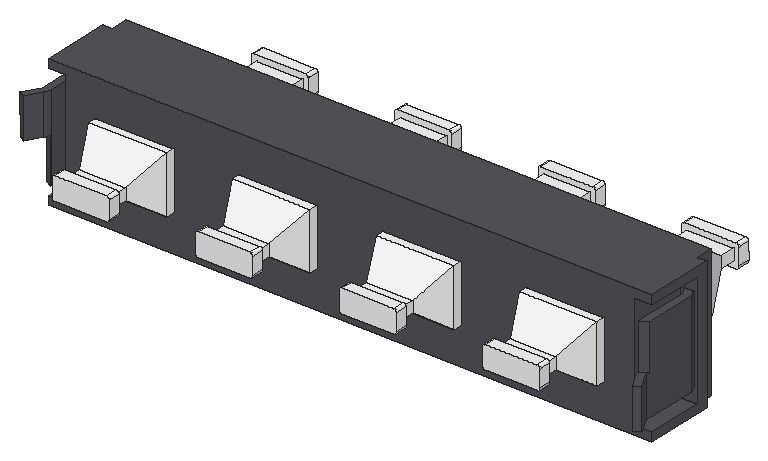
Revit family "Adaptador 4 MTP", category Installations électriques, Revit 2020
Family settings
  Conserver l'orientation des annotations = Non
  Cote de connecteur circulaire = Utiliser le diamètre
  Type d'élément = Normal
  Basée sur le plan de construction = Non
  Toujours verticalement = Oui
  Couper avec des vides une fois chargée = Non
  Partagée = Non
  Point de calcul de pièce = Non
Parameters (values of type "Adaptador 4 MTP multimodal")
  Tipo de la fibra óptica = "Mutlimodal"
  Tipo de conector interno = "MT_MPO"
  Tipo de conector externo = "MT_MPO"
  Temperatura operativa = "-10°C à 60°C"
  Temperatura de almacenamiento = "-10°C à 60°C"
  Profundidad = 44.7 mm
  Número de pieza Legrand = "032134"
  Número de conectores = 4
  Numero RAL = "9017"
  IP = "IP20"
  IK = "IK04"
  Función = "Paneles de interconexión con optical conector Legrand"
  Formulación BIM = "Adaptador 4 MTP multimodal"
  Elévation par défaut = 0 mm
  EAN = "3414970962065"
  E-catalogo enlace = "https://www.legrand.fr/reference/032134/pro"
  Color de los conectores = IDS_JAUNE
  Color = IDS_NOIR
  Clasificación ETIM = "EC001130"
  Anchura de los conectores = 13.5 mm
  Anchura de la apertura = 8.35 mm
  Anchura (mm) = 108.8 mm
  Altura de los conectores = 10 mm
  Altura de la apertura = 6.5 mm
  Altura = 23 mm
Types (2, lengths in mm): name | Tipo de la fibra óptica | Número de pieza Legrand | Formulación BIM | EAN | E-catalogo enlace | Color de los conectores
  Adaptador 4 MTP monomodal | "unimodal" | "032133" | "Adaptador 4 MTP monomodal" | "3414970962041" | "https://www.legrand.fr/reference/032133/pro" | IDS_VERT
  Adaptador 4 MTP multimodal | "Mutlimodal" | "032134" | "Adaptador 4 MTP multimodal" | "3414970962065" | "https://www.legrand.fr/reference/032134/pro" | IDS_JAUNE
Reference planes
  plane 1 "Centre (avant/arrière)": y = 0
  plane 2: z = 0
  plane 3 "Centre (gauche/droite)": x = 0
  plane 4 "Clip bas": z = 4
  plane 5 "Clip haut": z = 19
  plane 6: x = 105.5
  plane 7: x = 52.75
  plane 8: through (0.797, -2.504, 1200) normal (-0.866, 0.5, 0)
  plane 9: z = 6.5
  plane 10: z = 16.5
  plane 11: z = 6.5
  plane 12: z = 16.5
  plane 13: x = 8.35
  plane 14: x = 21.85
  plane 15: z = 23
  plane 16: x = 33.45
  plane 17: x = 46.95
  plane 18: x = 58.55
  plane 19: x = 72.05
  plane 20: y = 21
  plane 21: y = 11
  plane 22: y = 1
  plane 23: x = 83.65
  plane 24: x = 97.15
  plane 25: y = -7
  plane 26: z = 10.5
  plane 27: z = 12.5
  plane 28: x = 11.1
  plane 29: x = 19.1
  plane 30: z = 10.5
  plane 31: z = 12.5
  plane 32: x = 36.2
  plane 33: x = 44.2
  plane 34: z = 10.5
  plane 35: z = 12.5
  plane 36: x = 61.3
  plane 37: x = 69.3
  plane 38: z = 10.5
  plane 39: z = 12.5
  plane 40: x = 86.4
  plane 41: x = 94.4
  plane 42: z = 10.5
  plane 43: z = 12.5
  plane 44: x = 11.1
  plane 45: x = 19.1
  plane 46: z = 10.5
  plane 47: z = 12.5
  plane 48: x = 36.2
  plane 49: x = 44.2
  plane 50: z = 10.5
  plane 51: z = 12.5
  plane 52: x = 61.3
  plane 53: x = 69.3
  plane 54: z = 10.5
  plane 55: z = 12.5
  plane 56: x = 86.4
  plane 57: x = 94.4
Forms (mm)
  Extrusion 1, solid, material "IDS_NOIR"
    sketch origin (0, 0, 0) x (1, 0, 0) y (0, 1, 0)
      loop
        line (0, 0) -> (105.5, 0) -> (105.5, 12) -> (103.9, 12) -> (103.9, 15) -> (1.6, 15) -> (1.6, 12) -> (0, 12) -> (0, 0)
    from 0 to 23
  Extrusion 2, void
    sketch origin (0, 0, 0) x (-1, 0, 0) y (0, 0, 1)
      loop
        line (0, 21.5) -> (-3, 21.5) -> (-3, 1.5) -> (0, 1.5) -> (0, 21.5)
      loop
        line (-105.5, 21.5) -> (-105.5, 1.5) -> (-102.5, 1.5) -> (-102.5, 21.5) -> (-105.5, 21.5)
    from 0 to 10
  Extrusion 3, solid, material "IDS_NOIR"
    sketch origin (0, 25.162, 4) x (0, 1, 0) y (-1, 0, 0)
      loop
        line (-29.912, 0.5) -> (-27.374, -0.965)
        arc (-27.374, -0.965) -> (-26.771, -1.215) -> (-26.124, -1.3) r 2.5
        line (-26.124, -1.3) -> (-16.662, -1.3) -> (-15.162, -2.166) -> (-15.162, -0.665) -> (-16.313, 0) -> (-26.446, 0) -> (-29.262, 1.626) -> (-29.912, 0.5)
      loop
        line (-29.912, -106) -> (-29.262, -107.126) -> (-26.446, -105.5) -> (-16.313, -105.5) -> (-15.162, -104.835) -> (-15.162, -103.334) -> (-16.662, -104.2) -> (-26.124, -104.2)
        arc (-26.124, -104.2) -> (-26.771, -104.285) -> (-27.374, -104.535) r 2.5
        line (-27.374, -104.535) -> (-29.912, -106)
    from 0 to 15
  Extrusion 4, void
    sketch origin (0.797, -2.504, 1200) x (0.5, 0.866025, 0) y (0, 0, 1)
      loop
        line (-2.593, -1196) -> (1.407, -1196) -> (1.407, -1188) -> (-2.593, -1188) -> (-2.593, -1196)
    from 0 to -2.615
  Extrusion 5, void
    sketch origin (104.703, -2.504, 1200) x (-0.5, 0.866025, 0) y (0, 0, -1)
      loop
        line (-2.593, 1181) -> (1.407, 1181) -> (1.407, 1189) -> (-2.593, 1189) -> (-2.593, 1181)
    from 0 to -2.615
  Extrusion 6, void
    sketch origin (2.941, 0, 0) x (-1, 0, 0) y (0, 0, 1)
      loop
        line (-5.409, 16.5) -> (-18.909, 16.5) -> (-18.909, 6.5) -> (-5.409, 6.5) -> (-5.409, 16.5)
      loop
        line (-30.509, 6.5) -> (-30.509, 16.5) -> (-44.009, 16.5) -> (-44.009, 6.5) -> (-30.509, 6.5)
      loop
        line (-55.609, 16.5) -> (-69.109, 16.5) -> (-69.109, 6.5) -> (-55.609, 6.5) -> (-55.609, 16.5)
      loop
        line (-80.709, 6.5) -> (-80.709, 16.5) -> (-94.209, 16.5) -> (-94.209, 6.5) -> (-80.709, 6.5)
    from 0 to 15
  Extrusion 7, solid, material "IDS_JAUNE" <- "Color de los conectores"
    sketch origin (-7.488, 1, 1200) x (-1, 0, 0) y (0, 0, 1)
      loop
        line (-15.838, -1183.5) -> (-29.338, -1183.5) -> (-29.338, -1193.5) -> (-15.838, -1193.5) -> (-15.838, -1183.5)
      loop
        line (-66.038, -1183.5) -> (-79.538, -1183.5) -> (-79.538, -1193.5) -> (-66.038, -1193.5) -> (-66.038, -1183.5)
      loop
        line (-54.438, -1193.5) -> (-40.938, -1193.5) -> (-40.938, -1183.5) -> (-54.438, -1183.5) -> (-54.438, -1193.5)
      loop
        line (-91.138, -1183.5) -> (-104.638, -1183.5) -> (-104.638, -1193.5) -> (-91.138, -1193.5) -> (-91.138, -1183.5)
    from 0 to 20
  Extrusion 8, solid, material "IDS_BLANC"
    sketch origin (-7.488, 1, 1200) x (-1, 0, 0) y (0, 0, 1)
      loop
        line (-15.838, -1183.5) -> (-29.338, -1183.5) -> (-29.338, -1193.5) -> (-15.838, -1193.5) -> (-15.838, -1183.5)
      loop
        line (-40.938, -1183.5) -> (-54.438, -1183.5) -> (-54.438, -1193.5) -> (-40.938, -1193.5) -> (-40.938, -1183.5)
      loop
        line (-66.038, -1183.5) -> (-79.538, -1183.5) -> (-79.538, -1193.5) -> (-66.038, -1193.5) -> (-66.038, -1183.5)
      loop
        line (-91.138, -1183.5) -> (-104.638, -1183.5) -> (-104.638, -1193.5) -> (-91.138, -1193.5) -> (-91.138, -1183.5)
    from 0 to -2.5
  Extrusion 9, solid, material "IDS_BLANC"
    sketch origin (5.742, -7, 1200) x (-1, 0, 0) y (0, 0, 1)
      loop
        line (-5.358, -1187.5) -> (-13.358, -1187.5) -> (-13.358, -1189.5) -> (-5.358, -1189.5) -> (-5.358, -1187.5)
    from -2.75 to 0
  SweptBlend 10, solid, material "IDS_BLANC"
    path origin (0, 25.162, 4) x (0, 1, 0) y (-1, 0, 0)
      loop
        line (-26.662, -15.1) -> (-32.162, -15.1)
    profile origin (15.1, -1.5, 4) x (1, 0, 0) y (0, 0, 1)
      loop
        line (-6.75, 12.5) -> (-6.75, 2.5) -> (6.75, 2.5) -> (6.75, 12.5) -> (-6.75, 12.5)
    end profile origin (15.1, -7, 4) x (1, 0, 0) y (0, 0, 1)
      loop
        line (4, 8.5) -> (-4, 8.5) -> (-4, 6.5) -> (4, 6.5) -> (4, 8.5)
  Extrusion 11, solid, material "IDS_BLANC"
    sketch origin (5.742, -9.75, 1200) x (1, 0, 0) y (0, 0, 1)
      loop
        arc (4.858, -1186.5) -> (4.504, -1186.646) -> (4.358, -1187) r 0.5
        line (4.358, -1187) -> (4.358, -1190)
        arc (4.358, -1190) -> (4.504, -1190.354) -> (4.858, -1190.5) r 0.5
        line (4.858, -1190.5) -> (13.858, -1190.5)
        arc (13.858, -1190.5) -> (14.211, -1190.354) -> (14.358, -1190) r 0.5
        line (14.358, -1190) -> (14.358, -1187)
        arc (14.358, -1187) -> (14.211, -1186.646) -> (13.858, -1186.5) r 0.5
        line (13.858, -1186.5) -> (4.858, -1186.5)
    from 0 to 2
  Extrusion 12, solid, material "IDS_BLANC"
    sketch origin (30.842, -7, 1205.5) x (-1, 0, 0) y (0, 0, 1)
      loop
        line (-5.358, -1193) -> (-13.358, -1193) -> (-13.358, -1195) -> (-5.358, -1195) -> (-5.358, -1193)
    from -2.75 to 0
  SweptBlend 13, solid, material "IDS_BLANC"
    path origin (25.1, 25.162, 4) x (0, 1, 0) y (-1, 0, 0)
      loop
        line (-26.662, -15.1) -> (-32.162, -15.1)
    profile origin (40.2, -1.5, 4) x (1, 0, 0) y (0, 0, 1)
      loop
        line (-6.75, 12.5) -> (-6.75, 2.5) -> (6.75, 2.5) -> (6.75, 12.5) -> (-6.75, 12.5)
    end profile origin (40.2, -7, 4) x (1, 0, 0) y (0, 0, 1)
      loop
        line (4, 8.5) -> (-4, 8.5) -> (-4, 6.5) -> (4, 6.5) -> (4, 8.5)
  Extrusion 14, solid, material "IDS_BLANC"
    sketch origin (30.842, -9.75, 1205.5) x (1, 0, 0) y (0, 0, 1)
      loop
        arc (4.858, -1192) -> (4.504, -1192.146) -> (4.358, -1192.5) r 0.5
        line (4.358, -1192.5) -> (4.358, -1195.5)
        arc (4.358, -1195.5) -> (4.504, -1195.854) -> (4.858, -1196) r 0.5
        line (4.858, -1196) -> (13.858, -1196)
        arc (13.858, -1196) -> (14.211, -1195.854) -> (14.358, -1195.5) r 0.5
        line (14.358, -1195.5) -> (14.358, -1192.5)
        arc (14.358, -1192.5) -> (14.211, -1192.146) -> (13.858, -1192) r 0.5
        line (13.858, -1192) -> (4.858, -1192)
    from 0 to 2
  Extrusion 15, solid, material "IDS_BLANC"
    sketch origin (55.942, -7, 1205.5) x (-1, 0, 0) y (0, 0, 1)
      loop
        line (-5.358, -1193) -> (-13.358, -1193) -> (-13.358, -1195) -> (-5.358, -1195) -> (-5.358, -1193)
    from -2.75 to 0
  SweptBlend 16, solid, material "IDS_BLANC"
    path origin (50.2, 25.162, 4) x (0, 1, 0) y (-1, 0, 0)
      loop
        line (-26.662, -15.1) -> (-32.162, -15.1)
    profile origin (65.3, -1.5, 4) x (1, 0, 0) y (0, 0, 1)
      loop
        line (-6.75, 12.5) -> (-6.75, 2.5) -> (6.75, 2.5) -> (6.75, 12.5) -> (-6.75, 12.5)
    end profile origin (65.3, -7, 4) x (1, 0, 0) y (0, 0, 1)
      loop
        line (4, 8.5) -> (-4, 8.5) -> (-4, 6.5) -> (4, 6.5) -> (4, 8.5)
  Extrusion 17, solid, material "IDS_BLANC"
    sketch origin (55.942, -9.75, 1205.5) x (1, 0, 0) y (0, 0, 1)
      loop
        arc (4.858, -1192) -> (4.504, -1192.146) -> (4.358, -1192.5) r 0.5
        line (4.358, -1192.5) -> (4.358, -1195.5)
        arc (4.358, -1195.5) -> (4.504, -1195.854) -> (4.858, -1196) r 0.5
        line (4.858, -1196) -> (13.858, -1196)
        arc (13.858, -1196) -> (14.211, -1195.854) -> (14.358, -1195.5) r 0.5
        line (14.358, -1195.5) -> (14.358, -1192.5)
        arc (14.358, -1192.5) -> (14.211, -1192.146) -> (13.858, -1192) r 0.5
        line (13.858, -1192) -> (4.858, -1192)
    from 0 to 2
  Extrusion 18, solid, material "IDS_BLANC"
    sketch origin (81.042, -7, 1205.5) x (-1, 0, 0) y (0, 0, 1)
      loop
        line (-5.358, -1193) -> (-13.358, -1193) -> (-13.358, -1195) -> (-5.358, -1195) -> (-5.358, -1193)
    from -2.75 to 0
  SweptBlend 19, solid, material "IDS_BLANC"
    path origin (75.3, 25.162, 4) x (0, 1, 0) y (-1, 0, 0)
      loop
        line (-26.662, -15.1) -> (-32.162, -15.1)
    profile origin (90.4, -1.5, 4) x (1, 0, 0) y (0, 0, 1)
      loop
        line (-6.75, 12.5) -> (-6.75, 2.5) -> (6.75, 2.5) -> (6.75, 12.5) -> (-6.75, 12.5)
    end profile origin (90.4, -7, 4) x (1, 0, 0) y (0, 0, 1)
      loop
        line (4, 8.5) -> (-4, 8.5) -> (-4, 6.5) -> (4, 6.5) -> (4, 8.5)
  Extrusion 20, solid, material "IDS_BLANC"
    sketch origin (81.042, -9.75, 1205.5) x (1, 0, 0) y (0, 0, 1)
      loop
        arc (4.858, -1192) -> (4.504, -1192.146) -> (4.358, -1192.5) r 0.5
        line (4.358, -1192.5) -> (4.358, -1195.5)
        arc (4.358, -1195.5) -> (4.504, -1195.854) -> (4.858, -1196) r 0.5
        line (4.858, -1196) -> (13.858, -1196)
        arc (13.858, -1196) -> (14.211, -1195.854) -> (14.358, -1195.5) r 0.5
        line (14.358, -1195.5) -> (14.358, -1192.5)
        arc (14.358, -1192.5) -> (14.211, -1192.146) -> (13.858, -1192) r 0.5
        line (13.858, -1192) -> (4.858, -1192)
    from 0 to 2
  Extrusion 21, solid, material "IDS_BLANC"
    sketch origin (5.742, 29, 1200) x (-1, 0, 0) y (0, 0, -1)
      loop
        line (-5.358, 1187.5) -> (-5.358, 1189.5) -> (-13.358, 1189.5) -> (-13.358, 1187.5) -> (-5.358, 1187.5)
    from -2.75 to 0
  SweptBlend 22, solid, material "IDS_BLANC"
    path origin (0, -3.162, 4) x (0, -1, 0) y (1, 0, 0)
      loop
        line (-26.662, 15.1) -> (-32.162, 15.1)
    profile origin (15.1, 23.5, 4) x (-1, 0, 0) y (0, 0, 1)
      loop
        line (6.75, 12.5) -> (-6.75, 12.5) -> (-6.75, 2.5) -> (6.75, 2.5) -> (6.75, 12.5)
    end profile origin (15.1, 29, 4) x (-1, 0, 0) y (0, 0, 1)
      loop
        line (-4, 8.5) -> (-4, 6.5) -> (4, 6.5) -> (4, 8.5) -> (-4, 8.5)
  Extrusion 23, solid, material "IDS_BLANC"
    sketch origin (5.742, 31.75, 1200) x (1, 0, 0) y (0, 0, -1)
      loop
        line (4.858, 1186.5) -> (13.858, 1186.5)
        arc (13.858, 1186.5) -> (14.211, 1186.646) -> (14.358, 1187) r 0.5
        line (14.358, 1187) -> (14.358, 1190)
        arc (14.358, 1190) -> (14.211, 1190.354) -> (13.858, 1190.5) r 0.5
        line (13.858, 1190.5) -> (4.858, 1190.5)
        arc (4.858, 1190.5) -> (4.504, 1190.354) -> (4.358, 1190) r 0.5
        line (4.358, 1190) -> (4.358, 1187)
        arc (4.358, 1187) -> (4.504, 1186.646) -> (4.858, 1186.5) r 0.5
    from 0 to 2
  Extrusion 24, solid, material "IDS_BLANC"
    sketch origin (30.842, 29, 1205.5) x (-1, 0, 0) y (0, 0, -1)
      loop
        line (-5.358, 1193) -> (-5.358, 1195) -> (-13.358, 1195) -> (-13.358, 1193) -> (-5.358, 1193)
    from -2.75 to 0
  SweptBlend 25, solid, material "IDS_BLANC"
    path origin (25.1, -3.162, 4) x (0, -1, 0) y (1, 0, 0)
      loop
        line (-26.662, 15.1) -> (-32.162, 15.1)
    profile origin (40.2, 23.5, 4) x (-1, 0, 0) y (0, 0, 1)
      loop
        line (6.75, 12.5) -> (-6.75, 12.5) -> (-6.75, 2.5) -> (6.75, 2.5) -> (6.75, 12.5)
    end profile origin (40.2, 29, 4) x (-1, 0, 0) y (0, 0, 1)
      loop
        line (-4, 8.5) -> (-4, 6.5) -> (4, 6.5) -> (4, 8.5) -> (-4, 8.5)
  Extrusion 26, solid, material "IDS_BLANC"
    sketch origin (30.842, 31.75, 1205.5) x (1, 0, 0) y (0, 0, -1)
      loop
        line (4.858, 1192) -> (13.858, 1192)
        arc (13.858, 1192) -> (14.211, 1192.146) -> (14.358, 1192.5) r 0.5
        line (14.358, 1192.5) -> (14.358, 1195.5)
        arc (14.358, 1195.5) -> (14.211, 1195.854) -> (13.858, 1196) r 0.5
        line (13.858, 1196) -> (4.858, 1196)
        arc (4.858, 1196) -> (4.504, 1195.854) -> (4.358, 1195.5) r 0.5
        line (4.358, 1195.5) -> (4.358, 1192.5)
        arc (4.358, 1192.5) -> (4.504, 1192.146) -> (4.858, 1192) r 0.5
    from 0 to 2
  Extrusion 27, solid, material "IDS_BLANC"
    sketch origin (55.942, 29, 1205.5) x (-1, 0, 0) y (0, 0, -1)
      loop
        line (-5.358, 1193) -> (-5.358, 1195) -> (-13.358, 1195) -> (-13.358, 1193) -> (-5.358, 1193)
    from -2.75 to 0
  SweptBlend 28, solid, material "IDS_BLANC"
    path origin (50.2, -3.162, 4) x (0, -1, 0) y (1, 0, 0)
      loop
        line (-26.662, 15.1) -> (-32.162, 15.1)
    profile origin (65.3, 23.5, 4) x (-1, 0, 0) y (0, 0, 1)
      loop
        line (6.75, 12.5) -> (-6.75, 12.5) -> (-6.75, 2.5) -> (6.75, 2.5) -> (6.75, 12.5)
    end profile origin (65.3, 29, 4) x (-1, 0, 0) y (0, 0, 1)
      loop
        line (-4, 8.5) -> (-4, 6.5) -> (4, 6.5) -> (4, 8.5) -> (-4, 8.5)
  Extrusion 29, solid, material "IDS_BLANC"
    sketch origin (55.942, 31.75, 1205.5) x (1, 0, 0) y (0, 0, -1)
      loop
        line (4.858, 1192) -> (13.858, 1192)
        arc (13.858, 1192) -> (14.211, 1192.146) -> (14.358, 1192.5) r 0.5
        line (14.358, 1192.5) -> (14.358, 1195.5)
        arc (14.358, 1195.5) -> (14.211, 1195.854) -> (13.858, 1196) r 0.5
        line (13.858, 1196) -> (4.858, 1196)
        arc (4.858, 1196) -> (4.504, 1195.854) -> (4.358, 1195.5) r 0.5
        line (4.358, 1195.5) -> (4.358, 1192.5)
        arc (4.358, 1192.5) -> (4.504, 1192.146) -> (4.858, 1192) r 0.5
    from 0 to 2
  Extrusion 30, solid, material "IDS_BLANC"
    sketch origin (81.042, 29, 1205.5) x (-1, 0, 0) y (0, 0, -1)
      loop
        line (-5.358, 1193) -> (-5.358, 1195) -> (-13.358, 1195) -> (-13.358, 1193) -> (-5.358, 1193)
    from -2.75 to 0
  SweptBlend 31, solid, material "IDS_BLANC"
    path origin (75.3, -3.162, 4) x (0, -1, 0) y (1, 0, 0)
      loop
        line (-26.662, 15.1) -> (-32.162, 15.1)
    profile origin (90.4, 23.5, 4) x (-1, 0, 0) y (0, 0, 1)
      loop
        line (6.75, 12.5) -> (-6.75, 12.5) -> (-6.75, 2.5) -> (6.75, 2.5) -> (6.75, 12.5)
    end profile origin (90.4, 29, 4) x (-1, 0, 0) y (0, 0, 1)
      loop
        line (-4, 8.5) -> (-4, 6.5) -> (4, 6.5) -> (4, 8.5) -> (-4, 8.5)
  Extrusion 32, solid, material "IDS_BLANC"
    sketch origin (81.042, 31.75, 1205.5) x (1, 0, 0) y (0, 0, -1)
      loop
        line (4.858, 1192) -> (13.858, 1192)
        arc (13.858, 1192) -> (14.211, 1192.146) -> (14.358, 1192.5) r 0.5
        line (14.358, 1192.5) -> (14.358, 1195.5)
        arc (14.358, 1195.5) -> (14.211, 1195.854) -> (13.858, 1196) r 0.5
        line (13.858, 1196) -> (4.858, 1196)
        arc (4.858, 1196) -> (4.504, 1195.854) -> (4.358, 1195.5) r 0.5
        line (4.358, 1195.5) -> (4.358, 1192.5)
        arc (4.358, 1192.5) -> (4.504, 1192.146) -> (4.858, 1192) r 0.5
    from 0 to 2
  Extrusion 33, solid, material "IDS_BLANC"
    sketch origin (-7.488, 21, 1200) x (-1, 0, 0) y (0, 0, -1)
      loop
        line (-15.838, 1183.5) -> (-15.838, 1193.5) -> (-29.338, 1193.5) -> (-29.338, 1183.5) -> (-15.838, 1183.5)
      loop
        line (-40.938, 1183.5) -> (-40.938, 1193.5) -> (-54.438, 1193.5) -> (-54.438, 1183.5) -> (-40.938, 1183.5)
      loop
        line (-66.038, 1183.5) -> (-66.038, 1193.5) -> (-79.538, 1193.5) -> (-79.538, 1183.5) -> (-66.038, 1183.5)
      loop
        line (-91.138, 1183.5) -> (-91.138, 1193.5) -> (-104.638, 1193.5) -> (-104.638, 1183.5) -> (-91.138, 1183.5)
    from 0 to -2.5
Cuts and joins
  Extrusion 2, Extrusion 6 cuts Extrusion 1
  Extrusion 4, Extrusion 5 cuts Extrusion 3
  joined: Extrusion 8, Extrusion 9, SweptBlend 10, Extrusion 11, Extrusion 12, SweptBlend 13, Extrusion 14, Extrusion 15, SweptBlend 16, Extrusion 17, Extrusion 18, SweptBlend 19, Extrusion 20
Lines and regions (mm)
  model lines
    curve 1: line (21.85, -1.5, 6.5) -> (8.35, -1.5, 6.5)
    curve 2: line (21.85, -1.5, 16.5) -> (21.85, -1.5, 6.5)
    curve 3: line (8.35, -1.5, 16.5) -> (21.85, -1.5, 16.5)
    curve 4: line (8.35, -1.5, 6.5) -> (8.35, -1.5, 16.5)
Dimensions and locks
  locked: plane 1 "Centre (avant/arrière)" to Extrusion 1 sketch curve at 15
  locked: Extrusion 1 sketch curve to Extrusion 1 sketch curve at 105.5
  locked: Extrusion 1 sketch curve to Extrusion 1 sketch curve at 1.6  (x2)
  locked: Extrusion 1 sketch curve to Extrusion 1 sketch curve at 12
  locked: Extrusion 2 sketch curve to level at 1.5
  locked: Extrusion 1 to Extrusion 2 sketch curve at 1.5
  locked: Extrusion 2 sketch curve to plane 3 "Centre (gauche/droite)" at 3
  locked: Extrusion 2 sketch curve to Extrusion 1 at 3
  plane 4 "Clip bas" to level = 4 mm
  cut or joined group of Extrusion 1, Extrusion 2, Extrusion 6 to plane 5 "Clip haut" = 4 mm
  locked: Extrusion 3 sketch curve to plane 3 "Centre (gauche/droite)" at 0.5
  locked: Extrusion 3 sketch curve to plane 1 "Centre (avant/arrière)" at 4.75
  locked: plane 3 "Centre (gauche/droite)" to Extrusion 3 sketch curve at 1.3
  plane 1 "Centre (avant/arrière)" to Extrusion 3 sketch curve = 8.5 mm
  equal spacing: plane 3 "Centre (gauche/droite)", plane 7, plane 6, locked at 52.75 each
  locked: Extrusion 3 to Extrusion 4 sketch curve at 4
  locked: Extrusion 3 to Extrusion 4 sketch curve at 8
  cut or joined group of Extrusion 3, Extrusion 4, Extrusion 5 to Extrusion 5 sketch curve = 8 mm
  Extrusion 5 sketch curve to cut or joined group of Extrusion 3, Extrusion 4, Extrusion 5 = 4 mm
  "Altura de la apertura": plane 9 to level
  "Altura de los conectores": plane 10 to plane 9
  "Altura de los conectores": plane 12 to plane 11
  "Anchura de la apertura": plane 13 to plane 3 "Centre (gauche/droite)"
  "Anchura de los conectores": plane 13 to plane 14
  locked: plane 15 to level at 23
  "Altura de la apertura": plane 15 to plane 12
  "Anchura de los conectores": plane 16 to plane 17
  locked: plane 14 to plane 16 at 11.6
  plane 17 to plane 18 = 11.6 mm
  "Anchura de los conectores": plane 18 to plane 19
  plane 20 to cut or joined group of Extrusion 1, Extrusion 2, Extrusion 6 = 6 mm
  locked: plane 22 to plane 1 "Centre (avant/arrière)" at 1
  "Anchura de los conectores": plane 23 to plane 24
  plane 23 to plane 19 = 11.6 mm
  plane 6 to plane 24 = 8.35 mm
  Extrusion 8 to plane 25 = 5.5 mm
  plane 26 to plane 9 = 4 mm
  plane 10 to plane 27 = 4 mm
  plane 27 to plane 26 = 2 mm
  Extrusion 8 to plane 28 = 2.75 mm
  plane 28 to plane 29 = 8 mm
  plane 29 to plane 14 = 2.75 mm
  Extrusion 11 sketch curve to Extrusion 9 = 1 mm  (x3)
  Extrusion 9 to Extrusion 11 sketch curve = 1 mm
  plane 31 to plane 30 = 2 mm
  plane 32 to plane 33 = 8 mm
  Extrusion 14 sketch curve to Extrusion 12 = 1 mm  (x3)
  Extrusion 12 to Extrusion 14 sketch curve = 1 mm
  plane 35 to plane 34 = 2 mm
  plane 36 to plane 37 = 8 mm
  Extrusion 17 sketch curve to Extrusion 15 = 1 mm  (x3)
  Extrusion 15 to Extrusion 17 sketch curve = 1 mm
  plane 39 to plane 38 = 2 mm
  plane 40 to plane 41 = 8 mm
  Extrusion 20 sketch curve to Extrusion 18 = 1 mm  (x3)
  Extrusion 18 to Extrusion 20 sketch curve = 1 mm
  equal spacing: plane 20, plane 21, plane 22
  plane 42 to plane 43 = 2 mm
  plane 44 to plane 45 = 8 mm
  Extrusion 21 to Extrusion 23 sketch curve = 1 mm
  Extrusion 23 sketch curve to Extrusion 21 = 1 mm  (x3)
  plane 46 to plane 47 = 2 mm
  plane 48 to plane 49 = 8 mm
  Extrusion 24 to Extrusion 26 sketch curve = 1 mm
  Extrusion 26 sketch curve to Extrusion 24 = 1 mm  (x3)
  plane 50 to plane 51 = 2 mm
  plane 52 to plane 53 = 8 mm
  Extrusion 27 to Extrusion 29 sketch curve = 1 mm
  Extrusion 29 sketch curve to Extrusion 27 = 1 mm  (x3)
  plane 54 to plane 55 = 2 mm
  plane 56 to plane 57 = 8 mm
  Extrusion 30 to Extrusion 32 sketch curve = 1 mm
  Extrusion 32 sketch curve to Extrusion 30 = 1 mm  (x3)
  locked: cut or joined group of Extrusion 1, Extrusion 2, Extrusion 6 to Extrusion 3 sketch curve (angle 60.00°)
  aligned and locked: level to plane 2
  aligned and locked: plane 5 "Clip haut" to Extrusion 3
  aligned and locked: Extrusion 3 to plane 4 "Clip bas"
  aligned and locked: plane 6 to cut or joined group of Extrusion 1, Extrusion 2, Extrusion 6
  aligned and locked: Extrusion 4 sketch curve to Extrusion 3
  aligned and locked: Extrusion 3 to Extrusion 4 sketch curve
  aligned and locked: Extrusion 5 sketch curve to cut or joined group of Extrusion 3, Extrusion 4, Extrusion 5
  aligned and locked: plane 15 to cut or joined group of Extrusion 1, Extrusion 2, Extrusion 6
  aligned and locked: Extrusion 6 to plane 9
  aligned and locked: plane 10 to Extrusion 6
  aligned and locked: plane 13 to Extrusion 6
  aligned and locked: Extrusion 6 to plane 14
  aligned and locked: plane 9 to Extrusion 6 sketch curve  (x2)
  aligned and locked: Extrusion 6 sketch curve to plane 16
  aligned and locked: Extrusion 6 sketch curve to plane 10  (x2)
  aligned and locked: plane 17 to Extrusion 6 sketch curve
  aligned and locked: plane 10 to Extrusion 6 sketch curve
  aligned and locked: plane 18 to Extrusion 6 sketch curve
  aligned and locked: Extrusion 6 sketch curve to plane 9
  aligned and locked: plane 19 to Extrusion 6 sketch curve
  aligned and locked: Extrusion 1 to Extrusion 6
  aligned and locked: Extrusion 7 sketch curve to cut or joined group of Extrusion 1, Extrusion 2, Extrusion 6  (x11)
  aligned and locked: plane 20 to Extrusion 7
  aligned and locked: Extrusion 8 sketch curve to Extrusion 7  (x12)
  aligned and locked: Extrusion 2 sketch curve to Extrusion 2 sketch curve  (x2)
  aligned and locked: Extrusion 6 sketch curve to plane 23
  aligned and locked: Extrusion 6 sketch curve to plane 24
  aligned and locked: Extrusion 8 sketch curve to cut or joined group of Extrusion 1, Extrusion 2, Extrusion 6  (x4)
  aligned and locked: plane 27 to Extrusion 9 sketch curve
  aligned and locked: plane 28 to Extrusion 9 sketch curve
  aligned and locked: Extrusion 9 sketch curve to plane 26
  aligned and locked: Extrusion 9 sketch curve to plane 29
  aligned and locked: curve 1 to Extrusion 8
  aligned and locked: curve 2 to Extrusion 8
  aligned and locked: curve 3 to Extrusion 8
  aligned and locked: curve 4 to Extrusion 8
  aligned and locked: SweptBlend 10 sketch curve to Extrusion 8  (x4)
  aligned and locked: SweptBlend 10 sketch curve to Extrusion 9  (x4)
  aligned and locked: plane 31 to Extrusion 12 sketch curve
  aligned and locked: plane 32 to Extrusion 12 sketch curve
  aligned and locked: Extrusion 12 sketch curve to plane 30
  aligned and locked: Extrusion 12 sketch curve to plane 33
  aligned and locked: SweptBlend 13 sketch curve to Extrusion 12  (x4)
  aligned and locked: plane 35 to Extrusion 15 sketch curve
  aligned and locked: plane 36 to Extrusion 15 sketch curve
  aligned and locked: Extrusion 15 sketch curve to plane 34
  aligned and locked: Extrusion 15 sketch curve to plane 37
  aligned and locked: SweptBlend 16 sketch curve to Extrusion 15  (x4)
  aligned and locked: plane 39 to Extrusion 18 sketch curve
  aligned and locked: plane 40 to Extrusion 18 sketch curve
  aligned and locked: Extrusion 18 sketch curve to plane 38
  aligned and locked: Extrusion 18 sketch curve to plane 41
  aligned and locked: SweptBlend 19 sketch curve to Extrusion 18  (x4)
  aligned and locked: Extrusion 21 sketch curve to plane 43
  aligned and locked: plane 44 to Extrusion 21 sketch curve
  aligned and locked: plane 42 to Extrusion 21 sketch curve
  aligned and locked: Extrusion 21 sketch curve to plane 45
  aligned and locked: Extrusion 21 to SweptBlend 22 sketch curve  (x2)
  aligned and locked: SweptBlend 22 sketch curve to Extrusion 21  (x2)
  aligned and locked: Extrusion 24 sketch curve to plane 47
  aligned and locked: plane 48 to Extrusion 24 sketch curve
  aligned and locked: plane 46 to Extrusion 24 sketch curve
  aligned and locked: Extrusion 24 sketch curve to plane 49
  aligned and locked: Extrusion 24 to SweptBlend 25 sketch curve  (x2)
  aligned and locked: SweptBlend 25 sketch curve to Extrusion 24  (x2)
  aligned and locked: Extrusion 27 sketch curve to plane 51
  aligned and locked: plane 52 to Extrusion 27 sketch curve
  aligned and locked: plane 50 to Extrusion 27 sketch curve
  aligned and locked: Extrusion 27 sketch curve to plane 53
  aligned and locked: Extrusion 27 to SweptBlend 28 sketch curve  (x2)
  aligned and locked: SweptBlend 28 sketch curve to Extrusion 27  (x2)
  aligned and locked: Extrusion 30 sketch curve to plane 55
  aligned and locked: plane 56 to Extrusion 30 sketch curve
  aligned and locked: plane 54 to Extrusion 30 sketch curve
  aligned and locked: Extrusion 30 sketch curve to plane 57
  aligned and locked: Extrusion 30 to SweptBlend 31 sketch curve  (x2)
  aligned and locked: SweptBlend 31 sketch curve to Extrusion 30  (x2)
Automatic sketch dimensions
  plane 1 "Centre (avant/arrière)" to Extrusion 1 sketch curve = 0 mm
  Extrusion 1 sketch curve to plane 3 "Centre (gauche/droite)" = 0 mm
  plane 21 to Extrusion 1 sketch curve = 1 mm
  plane 6 to Extrusion 2 sketch curve = 0 mm
  Extrusion 2 sketch curve to plane 3 "Centre (gauche/droite)" = 0 mm
  Extrusion 3 sketch curve to plane 6 = 0 mm
  Extrusion 3 sketch curve to plane 3 "Centre (gauche/droite)" = 0 mm
  Extrusion 3 sketch curve to plane 6 = 0.5 mm
  plane 25 to Extrusion 3 sketch curve = 2.25 mm
  Extrusion 3 sketch curve to Extrusion 3 sketch curve = 0.65 mm  (x2)
  Extrusion 3 sketch curve to plane 6 = 1.626 mm
  plane 3 "Centre (gauche/droite)" to Extrusion 3 sketch curve = 0.965 mm
  plane 6 to Extrusion 3 sketch curve = 0.965 mm
  plane 1 "Centre (avant/arrière)" to Extrusion 3 sketch curve = 0.962 mm  (x2)
  Extrusion 3 sketch curve to plane 21 = 2.5 mm
  Extrusion 3 sketch curve to Extrusion 3 sketch curve = 0.348 mm  (x2)
  Extrusion 3 sketch curve to plane 21 = 1 mm  (x2)
  Extrusion 3 sketch curve to plane 6 = 1.2 mm
  plane 6 to Extrusion 3 sketch curve = 0.665 mm
  Extrusion 3 sketch curve to Extrusion 3 sketch curve = 1.501 mm
  Extrusion 3 sketch curve to Extrusion 3 sketch curve = 0.866 mm
  plane 3 "Centre (gauche/droite)" to Extrusion 3 sketch curve = 0.665 mm
  Extrusion 5 sketch curve to Extrusion 5 sketch curve = 4 mm
  Extrusion 6 sketch curve to plane 9 = 0 mm
  plane 14 to Extrusion 6 sketch curve = 0 mm
  Extrusion 6 sketch curve to plane 10 = 0 mm
  plane 13 to Extrusion 6 sketch curve = 0 mm
  Extrusion 7 sketch curve to plane 10 = 0 mm
  Extrusion 7 sketch curve to plane 24 = 0 mm
  Extrusion 7 sketch curve to plane 9 = 0 mm
  plane 23 to Extrusion 7 sketch curve = 0 mm
  plane 17 to Extrusion 7 sketch curve = 0 mm
  SweptBlend 10 sketch curve to plane 25 = 0 mm
  SweptBlend 10 sketch curve to plane 13 = 6.75 mm
  plane 1 "Centre (avant/arrière)" to SweptBlend 10 sketch curve = 1.5 mm
  Extrusion 8 to curve 3 = 0 mm
  curve 1 to Extrusion 8 = 0 mm
  Extrusion 9 to Extrusion 11 sketch curve = 0.5 mm  (x4)
  SweptBlend 13 sketch curve to plane 25 = 0 mm
  SweptBlend 13 sketch curve to plane 16 = 6.75 mm
  plane 1 "Centre (avant/arrière)" to SweptBlend 13 sketch curve = 1.5 mm
  plane 4 "Clip bas" to SweptBlend 13 sketch curve = 2.5 mm
  profile plane to SweptBlend 13 sketch curve = 6.75 mm
  SweptBlend 13 sketch curve to profile plane = 6.75 mm
  SweptBlend 13 sketch curve to SweptBlend 13 sketch curve = 10 mm
  Extrusion 12 to Extrusion 14 sketch curve = 0.5 mm  (x3)
  Extrusion 14 sketch curve to Extrusion 14 sketch curve = 0.5 mm
  SweptBlend 16 sketch curve to plane 25 = 0 mm
  SweptBlend 16 sketch curve to plane 18 = 6.75 mm
  plane 1 "Centre (avant/arrière)" to SweptBlend 16 sketch curve = 1.5 mm
  plane 4 "Clip bas" to SweptBlend 16 sketch curve = 2.5 mm
  profile plane to SweptBlend 16 sketch curve = 6.75 mm
  SweptBlend 16 sketch curve to profile plane = 6.75 mm
  SweptBlend 16 sketch curve to SweptBlend 16 sketch curve = 10 mm
  Extrusion 15 to Extrusion 17 sketch curve = 0.5 mm  (x3)
  Extrusion 17 sketch curve to Extrusion 17 sketch curve = 0.5 mm
  SweptBlend 19 sketch curve to plane 25 = 0 mm
  SweptBlend 19 sketch curve to plane 23 = 6.75 mm
  plane 1 "Centre (avant/arrière)" to SweptBlend 19 sketch curve = 1.5 mm
  plane 4 "Clip bas" to SweptBlend 19 sketch curve = 2.5 mm
  profile plane to SweptBlend 19 sketch curve = 6.75 mm
  SweptBlend 19 sketch curve to profile plane = 6.75 mm
  SweptBlend 19 sketch curve to SweptBlend 19 sketch curve = 10 mm
  Extrusion 18 to Extrusion 20 sketch curve = 0.5 mm  (x3)
  Extrusion 20 sketch curve to Extrusion 20 sketch curve = 0.5 mm
  plane 20 to SweptBlend 22 sketch curve = 8 mm
  SweptBlend 22 sketch curve to plane 13 = 6.75 mm
  plane 20 to SweptBlend 22 sketch curve = 2.5 mm
  profile plane to SweptBlend 22 sketch curve = 6.75 mm
  SweptBlend 22 sketch curve to profile plane = 6.75 mm
  plane 4 "Clip bas" to SweptBlend 22 sketch curve = 2.5 mm
  SweptBlend 22 sketch curve to SweptBlend 22 sketch curve = 10 mm
  Extrusion 21 to Extrusion 23 sketch curve = 0.5 mm  (x3)
  Extrusion 23 sketch curve to Extrusion 23 sketch curve = 0.5 mm
  plane 20 to SweptBlend 25 sketch curve = 8 mm
  SweptBlend 25 sketch curve to plane 16 = 6.75 mm
  plane 20 to SweptBlend 25 sketch curve = 2.5 mm
  profile plane to SweptBlend 25 sketch curve = 6.75 mm
  SweptBlend 25 sketch curve to profile plane = 6.75 mm
  plane 4 "Clip bas" to SweptBlend 25 sketch curve = 2.5 mm
  SweptBlend 25 sketch curve to SweptBlend 25 sketch curve = 10 mm
  Extrusion 24 to Extrusion 26 sketch curve = 0.5 mm  (x3)
  Extrusion 26 sketch curve to Extrusion 26 sketch curve = 0.5 mm
  plane 20 to SweptBlend 28 sketch curve = 8 mm
  SweptBlend 28 sketch curve to plane 18 = 6.75 mm
  plane 20 to SweptBlend 28 sketch curve = 2.5 mm
  profile plane to SweptBlend 28 sketch curve = 6.75 mm
  SweptBlend 28 sketch curve to profile plane = 6.75 mm
  plane 4 "Clip bas" to SweptBlend 28 sketch curve = 2.5 mm
  SweptBlend 28 sketch curve to SweptBlend 28 sketch curve = 10 mm
  Extrusion 27 to Extrusion 29 sketch curve = 0.5 mm  (x3)
  Extrusion 29 sketch curve to Extrusion 29 sketch curve = 0.5 mm
  plane 20 to SweptBlend 31 sketch curve = 8 mm
  SweptBlend 31 sketch curve to plane 23 = 6.75 mm
  plane 20 to SweptBlend 31 sketch curve = 2.5 mm
  profile plane to SweptBlend 31 sketch curve = 6.75 mm
  SweptBlend 31 sketch curve to profile plane = 6.75 mm
  plane 4 "Clip bas" to SweptBlend 31 sketch curve = 2.5 mm
  SweptBlend 31 sketch curve to SweptBlend 31 sketch curve = 10 mm
  Extrusion 30 to Extrusion 32 sketch curve = 0.5 mm  (x3)
  Extrusion 32 sketch curve to Extrusion 32 sketch curve = 0.5 mm
  Extrusion 33 sketch curve to plane 10 = 0 mm  (x4)
  Extrusion 33 sketch curve to plane 24 = 0 mm
  Extrusion 33 sketch curve to plane 9 = 0 mm  (x4)
  plane 23 to Extrusion 33 sketch curve = 0 mm
  Extrusion 33 sketch curve to plane 19 = 0 mm
  plane 18 to Extrusion 33 sketch curve = 0 mm
  plane 17 to Extrusion 33 sketch curve = 0 mm
  plane 16 to Extrusion 33 sketch curve = 0 mm
  plane 14 to Extrusion 33 sketch curve = 0 mm
  plane 13 to Extrusion 33 sketch curve = 0 mm
